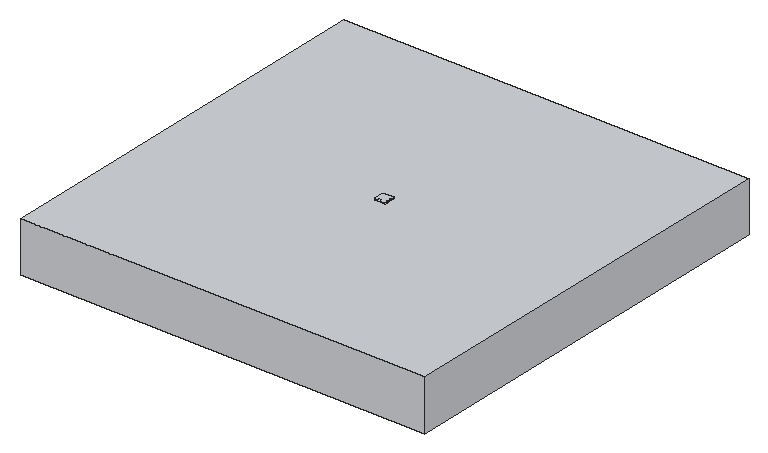
Revit family "Gira_125900", category Allgemeines Modell, Revit 2017
Family settings
  Basisbauteil = Fläche
  Kann Basisbauteil für Bewehrung sein = Nein
  Bemaßung runder Anschluss = Durchmesser verwenden
  Teiletyp = Normal
  Beim Laden mit Abzugskörper schneiden = Nein
  Gemeinsam genutzt = Nein
  Raumberechnungspunkt = Nein
Parameters
  With mounting plate = no
  With memory function = no
  With lighting = no
  With label area = no
  With glass breaking detector connection = no
  With dust cover = no
  With brightness sensor connection = no
  With N-busbar = no
  With LED indication = no
  With Astro program = no
  Wiring system = "Intermediate switch"
  Washing machine switch = no
  Default Elevation = 1219.2 mm
  URL = "https://www.gira.de/"
  Typname = "Add-on mod. built-in speaker Door communication"
  Type of load = "Universal"
  Type of lighting = "Not included"
  Type of fastening = "Screwing"
  Transparent = no
  Through loss at 860 MHz [B] = 0.1
  Through loss at 2150 MHz [B] = 0.1
  Temperature [Kelvin] = "[5:45]"
  Switch-off protection = no
  Surface protection = "Other"
  Surface finishing = "Not applicable"
  Suitable for wire wound low voltage transformer = yes
  Suitable for wind sensor = no
  Suitable for staircase time switch = no
  Suitable for rain sensor = no
  Suitable for fluorescent tube/energy-saving lamp = yes
  Suitable for electronic low voltage transformer = yes
  Suitable for degree of protection (IP) = "IP20"
  Suitable for 230 V incandescent lamp/halogen lamp = yes
  Suitable for = "Outdoor station"
  Substation input = yes
  Shielded housing = no
  Shielded buses = yes
  Serial dimmer = no
  Separate strain relief = no
  Rated current = 10 A
  Random generator = no
  Push button switch = no
  Productwebsite = "http://katalog.gira.de/en/datenblatt.html?artikelnr=125900"
  Output voltage [Volt] = 5
  Other bus systems = "None"
  Operating voltage [Volt] = "[110:240]"
  Only suitable as substation = no
  Number of rockers = 1
  Number of outputs = 2
  Number of modules (module system) = 1
  Number of buttons = 2
  Nominal voltage [Volt] 3 = "[230:230]"
  Nominal voltage [Volt] 2 = "[230:230]"
  Nominal voltage [Volt] = 250
  Mounting method shielding connection = "None"
  Mounting method = "Flush mounted (plaster)"
  Model = "1-pole switch"
  Min. depth of built-in installation box [m] = 0.024
  Method of operation = "Rocker"
  Mechanical controllable = yes
  Mechanical coding = no
  Max. switching power [Voltampere] = 1000
  Max. output current = 1.4 A
  Material quality = "Other"
  Material = "Other"
  Light value memory = no
  Label space/information surface 7 = "No"
  Label space/information surface 6 = "No"
  Label space/information surface 5 = "No"
  Label space/information surface 4 = "No"
  Label space/information surface = no
  Integrated timer = no
  Input for substation = no
  Imprint = "None"
  Illumination = "Yes"
  Hersteller = "Gira"
  Halogen free = no
  HAN = "125900"
  GTIN = "4010337259008"
  Function lighting = "Illuminated (on)"
  Frequency [Hz] = "[50:60]"
  Forced switch off = no
  Feedback-signal contact = no
  Electronic controllable = no
  Electrical and mechanical locking = yes
  Dimming phase cut-on = yes
  Dimming phase cut-off = yes
  Degree of protection (IP) = "IP20"
  Data sheet = "https://katalog.gira.de/en/download.html?artikelnr=125900"
  Contacts = "1 change-over contact"
  Connection type = "Screw"
  Colour coding = no
  Colour = "Other"
  Category = "3"
  Bus system radio frequent = no
  Bus system Powernet = no
  Bus system LON = no
  Bus system KNX radio = no
  Bus system KNX = yes
  Bus connection included = yes
  Beschreibung = "Add-on mod.b-i spk. Door,Add-on module for built-in speaker,,,Features:,- Up to twelve mechanical bell buttons can be connected.,- Additional bell buttons can be connected via additional add-on modules.,- Up to eleven add-on modules can be connected to one built-in speaker.,- Alternating current polling of the bell button connections to prevent oxidation on the button contacts.,- Compact size.,- Securing of connection terminals against incorrect connection.,- Attachment of the add-on module with screws or gluing.,,Notes :,- Module for extending the built-in speaker when more than eight mechanical bell buttons are to be connected.,- This component enables door communication systems with up to 140 audio devices to be set up (e.g. 1 x built-in speaker, 11 x add-on modules for built-in speakers, 136 x surface-mounted home stations)."
  BIM = "https://media.stage.bim.site/public/gira/290f3eb/Einsatz_1fach.rfa"
  Assembly arrangement = "Basic element"
  Applicable with transmission button = no
  Applicable with time switch/timer = no
  Applicable with presence indicator = yes
  Applicable with movement sensor = yes
  Applicable with infrared button = no
  Applicable with button = yes
  App control via Bluetooth = no
Reference planes
  plane 1 "Center (Front/Back)": y = 0
  plane 2: z = 0
  plane 3 "Center (Left/Right)": x = 0
Forms (mm)
  Extrusion 1, solid
    sketch origin (0, 0, 0) x (1, 0, 0) y (0, 1, 0)
      loop
        line (-1219.2, 1219.2) -> (-1219.2, -1219.2) -> (1219.2, -1219.2) -> (1219.2, 1219.2) -> (-1219.2, 1219.2)
    from 0 to -304.8
  Extrusion 2, solid, detail levels fine
    sketch origin (0, 0, 0) x (1, 0, 0) y (0, 1, 0)
      loop
        line (27.475, 35.475) -> (-27.475, 35.475)
        arc (-27.475, 35.475) -> (-33.132, 33.132) -> (-35.475, 27.475) r 8
        line (-35.475, 27.475) -> (-35.475, -27.475)
        arc (-35.475, -27.475) -> (-33.132, -33.132) -> (-27.475, -35.475) r 8
        line (-27.475, -35.475) -> (27.475, -35.475)
        arc (27.475, -35.475) -> (33.132, -33.132) -> (35.475, -27.475) r 8
        line (35.475, -27.475) -> (35.475, 27.475)
        arc (35.475, 27.475) -> (33.132, 33.132) -> (27.475, 35.475) r 8
    from 0 to 1.8
  Extrusion 3, solid, detail levels fine
    sketch origin (0, 0, 0) x (1, 0, 0) y (0, 1, 0)
      loop
        line (9.678, 25.4) -> (-9.678, 25.4)
        arc (-9.678, 25.4) -> (-12.885, 24.922) -> (-15.814, 23.53) r 11
        arc (-15.814, 23.53) -> (-17.795, 22.07) -> (-19.641, 20.444) r 28.35
        arc (-19.641, 20.444) -> (-21.339, 18.665) -> (-22.876, 16.745) r 28.35
        arc (-22.876, 16.745) -> (-24.456, 13.666) -> (-25, 10.248) r 11
        line (-25, 10.248) -> (-25, -10.248)
        arc (-25, -10.248) -> (-24.456, -13.666) -> (-22.876, -16.745) r 11
        arc (-22.876, -16.745) -> (-20.409, -19.677) -> (-17.569, -22.25) r 28.35
        line (-17.569, -22.25) -> (17.569, -22.25)
        arc (17.569, -22.25) -> (20.409, -19.677) -> (22.876, -16.745) r 28.35
        arc (22.876, -16.745) -> (24.456, -13.666) -> (25, -10.248) r 11
        line (25, -10.248) -> (25, 10.248)
        arc (25, 10.248) -> (24.456, 13.666) -> (22.876, 16.745) r 11
        arc (22.876, 16.745) -> (21.593, 18.37) -> (20.195, 19.897) r 28.35
        arc (20.195, 19.897) -> (18.096, 21.823) -> (15.814, 23.53) r 28.35
        arc (15.814, 23.53) -> (12.885, 24.922) -> (9.678, 25.4) r 11
    from 0 to -22
  Extrusion 4, solid, detail levels medium
    sketch origin (0, 0, 0) x (1, 0, 0) y (0, 1, 0)
      loop
        line (-25, 25.4) -> (-25, -22.25) -> (25, -22.25) -> (25, 25.4) -> (-25, 25.4)
    from 0 to -22
  Extrusion 5, solid, detail levels coarse
    sketch origin (0, 0, 0) x (1, 0, 0) y (0, 1, 0)
      loop
        line (35.475, 35.475) -> (-35.475, 35.475) -> (-35.475, -35.475) -> (35.475, -35.475) -> (35.475, 35.475)
    from -22 to 1.8
  Extrusion 6, solid, detail levels medium
    sketch origin (0, 0, 0) x (1, 0, 0) y (0, 1, 0)
      loop
        line (35.475, 35.475) -> (-35.475, 35.475) -> (-35.475, -35.475) -> (35.475, -35.475) -> (35.475, 35.475)
    from 0 to 1.8
Dimensions and locks
  aligned and locked: plane 2 to Extrusion 1
  aligned and locked: level to Extrusion 1
Connectors
  electrical at (0, 0, -22)
    settings: on Extrusion 5, index 1, voltage 220 V, apparent load 0 VA, apparent load phase1 0 VA, apparent load phase2 0 VA, apparent load phase3 0 VA, power factor 1, load classification "Other", number of poles 1, system type 30, power factor state 1, is connector primary yes, connector utility no, sub classification motor no, connector description ""
